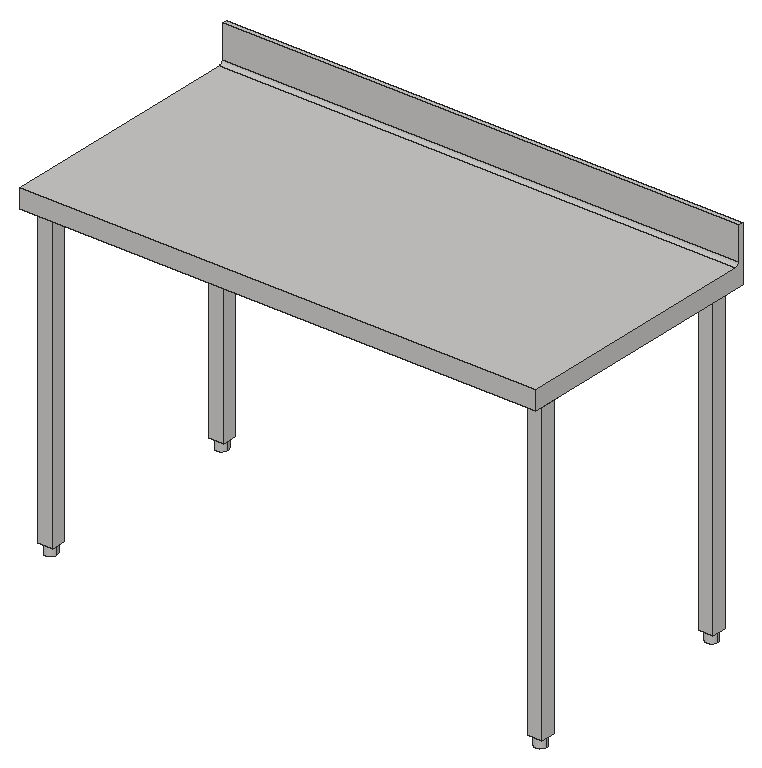
Revit family "QF_ZANUSSI_132732_TG1410PN", category Specialty Equipment, Revit 2023
Family settings
  Round Connector Dimension = Use Diameter
  Part Type = Normal
  Work Plane-Based = No
  Enable Cutting in Views = No
  Always vertical = Yes
  Cut with Voids When Loaded = No
  Maintain Annotation Orientation = No
  Shared = No
  Room Calculation Point = No
Parameters (values of type "Standard")
  Weight = 45.00 kg
  Watts = 0 W
  Volts = 0 V
  URL Manufacturer = "http://www.zanussiprofessional.com"
  URL = "http://www.zanussiprofessional.com"
  Steam Supply Size = 0 mm
  Steam Supply Minimum Pressure = 0.0 Pa
  Steam Supply Maximum Pressure = 0.0 Pa
  Steam Consumption per Hour = 0
  Refrigeration Suction Line Size = 0.0 mm
  Refrigeration Liquid Line Size = 0.0 mm
  Refrigerant Compressor Remote = yes
  Default Elevation = 0.0 mm
  Manufacturer = "Zanussi"
  Phase = 0
  Model = "TG1410PN"
  Length Actual = 1400.0 mm
  Item Number = "132732"
  Hot Water Size = 0 mm
  Height Actual = 1000.0 mm
  HP = "0 HP"
  Gas Size = 0 mm
  Gas KW = 0
  Gas Input Pressure = 0 W
  Direct Waste Size = 0 mm
  Description = "WORK TABLE WITH UPSTAND 1400 MM"
  Depth Actual = 700.0 mm
  Cycle = 0 Hz
  Condensate Return Size = 0 mm
  Compressed Air Volume = 0.0 L/s
  Compressed Air Size = 0 mm
  Compressed Air Pressure = 0.0 Pa
  Cold Water Size = 0 mm
  Accessory = no
Reference planes
  plane 1 "Center (Front/Back)": y = 0
  plane 2: z = 0
  plane 3 "Center (Left/Right)": x = -200
  plane 4 "LEFT": x = -900
  plane 5 "RIGHT": x = 500
  plane 6 "BACK": y = 350
  plane 7 "FRONT": y = -350
  plane 8 "Base": z = 850
  plane 9 "TOP": z = 900
  plane 10: x = -864.5
  plane 11: x = 464.5
  plane 12: y = 290
  plane 13: y = -290
Forms (mm)
  Extrusion 1, solid, material "QF_Finishes_Stainless Steel"
    sketch origin (-200, 0, 0) x (0, 1, 0) y (0, 0, 1)
      loop
        line (-350, 850) -> (350, 850) -> (350, 1000) -> (337, 1000) -> (337, 910)
        arc (337, 910) -> (334.071, 902.929) -> (327, 900) r 10
        line (327, 900) -> (-350, 900) -> (-350, 850)
    from 700 to -700
Lines and regions (mm)
  symbolic lines
    curve 1: line (500, 350, 900) -> (-900, 350, 900)
    curve 2: line (-900, 350, 900) -> (-900, -350, 900)
    curve 3: line (-900, -350, 900) -> (500, -350, 900)
    curve 4: line (500, -350, 900) -> (500, 350, 900)
    curve 5: line (500, 337, 900) -> (-900, 337, 900)
Dimensions and locks
  plane 4 "LEFT" to plane 5 "RIGHT" = 1400.0 mm
  equal spacing: plane 4 "LEFT", plane 3 "Center (Left/Right)", plane 5 "RIGHT"
  locked: plane 8 "Base" to level at 850
  plane 4 "LEFT" to plane 10 = 35.5 mm
  plane 11 to plane 5 "RIGHT" = 35.5 mm
  plane 10 to plane 11 = 1329.0 mm
  locked: Extrusion 1 to level at 1000
  plane 9 "TOP" to level = 900.0 mm
  plane 6 "BACK" to plane 12 = 60.0 mm
  plane 13 to plane 7 "FRONT" = 60.0 mm
  plane 6 "BACK" to plane 7 "FRONT" = 700.0 mm
  plane 12 to plane 13 = 580.0 mm
  equal spacing: plane 6 "BACK", plane 1 "Center (Front/Back)", plane 7 "FRONT"
  aligned and locked: level to plane 2
  aligned and locked: plane 10 to nested 1
  aligned and locked: nested 1 to plane 13
  aligned and locked: plane 11 to nested 2
  aligned and locked: nested 2 to plane 13
  aligned and locked: plane 11 to nested 4
  aligned and locked: nested 4 to plane 12
  aligned and locked: plane 10 to nested 3
  aligned and locked: nested 3 to plane 12
  aligned and locked: Extrusion 1 to plane 4 "LEFT"
  aligned and locked: plane 5 "RIGHT" to Extrusion 1
  aligned and locked: curve 2 to plane 4 "LEFT"
Automatic sketch dimensions
  Extrusion 1 sketch curve to plane 7 "FRONT" = 0.0 mm
  Extrusion 1 sketch curve to plane 9 "TOP" = 0.0 mm
  Extrusion 1 sketch curve to plane 6 "BACK" = 0.0 mm
  Extrusion 1 sketch curve to plane 8 "Base" = 0.0 mm
  plane 9 "TOP" to Extrusion 1 sketch curve = 10.0 mm
  Extrusion 1 sketch curve to plane 6 "BACK" = 13.0 mm
  Extrusion 1 sketch curve to Extrusion 1 sketch curve = 90.0 mm
  curve 3 to plane 7 "FRONT" = 0.0 mm
  curve 5 to plane 5 "RIGHT" = 0.0 mm
  curve 4 to plane 6 "BACK" = 0.0 mm
  curve 5 to plane 6 "BACK" = 13.0 mm
Nested families
  nested 1: "FEET_40x40" at (-864.5, -290, 0), type "FEET_40x40"
  nested 2: "FEET_40x40" at (464.5, -290, 0), type "FEET_40x40"
  nested 3: "FEET_40x40" at (-864.5, 290, 0), type "FEET_40x40"
  nested 4: "FEET_40x40" at (464.5, 290, 0), type "FEET_40x40"
Definition of nested family "FEET_40x40"
  Parameters
    Default Elevation = 0.0 mm
    FEET = 850.0 mm
  Reference planes
    plane 1 "Center (Front/Back)": y = 0
    plane 2: z = 0
    plane 3 "Center (Left/Right)": x = 0
    plane 4: z = 850
  Forms (mm)
    Extrusion 1, solid
      sketch origin (0, 0, 0) x (1, 0, 0) y (0, 1, 0)
        loop
          line (-20, -20) -> (20, -20) -> (20, 20) -> (-20, 20) -> (-20, -20)
      from 25 to 845
    Extrusion 2, solid
      sketch origin (0, 0, 0) x (1, 0, 0) y (0, 1, 0)
        loop
          circle (0, 0) r 16
      from 0 to 25
    Extrusion 3, solid
      sketch origin (0, 0, 0) x (1, 0, 0) y (0, 1, 0)
        loop
          line (30, 30) -> (-30, 30) -> (-30, -30) -> (30, -30) -> (30, 30)
      from 845 to 850
  Lines and regions (mm)
    symbolic lines
      curve 1: line (0, -1.503, 0) -> (0, 1.508, 0)
      curve 2: line (1.561, 0, 0) -> (-1.439, 0, 0)
  Dimensions and locks
    "FEET": plane 4 to plane 2
    aligned and locked: level to plane 2
  Automatic sketch dimensions
    Extrusion 1 sketch curve to plane 3 "Center (Left/Right)" = 20.0 mm
    plane 3 "Center (Left/Right)" to Extrusion 1 sketch curve = 20.0 mm
    plane 1 "Center (Front/Back)" to Extrusion 1 sketch curve = 20.0 mm
    Extrusion 1 sketch curve to plane 1 "Center (Front/Back)" = 20.0 mm
    plane 1 "Center (Front/Back)" to Extrusion 2 sketch curve = 0.0 mm
    Extrusion 2 sketch curve to plane 3 "Center (Left/Right)" = 0.0 mm
    plane 3 "Center (Left/Right)" to Extrusion 3 sketch curve = 30.0 mm
    Extrusion 3 sketch curve to plane 1 "Center (Front/Back)" = 30.0 mm
    Extrusion 3 sketch curve to plane 3 "Center (Left/Right)" = 30.0 mm
    plane 1 "Center (Front/Back)" to Extrusion 3 sketch curve = 30.0 mm
    plane 1 "Center (Front/Back)" to curve 2 = 0.0 mm
    curve 1 to plane 3 "Center (Left/Right)" = 0.0 mm
    curve 2 to plane 3 "Center (Left/Right)" = 1.439 mm
    plane 3 "Center (Left/Right)" to curve 2 = 1.561 mm
    plane 1 "Center (Front/Back)" to curve 1 = 1.503 mm
    curve 1 to plane 1 "Center (Front/Back)" = 1.508 mm
    radius of Extrusion 2 sketch curve = 16.0 mm
